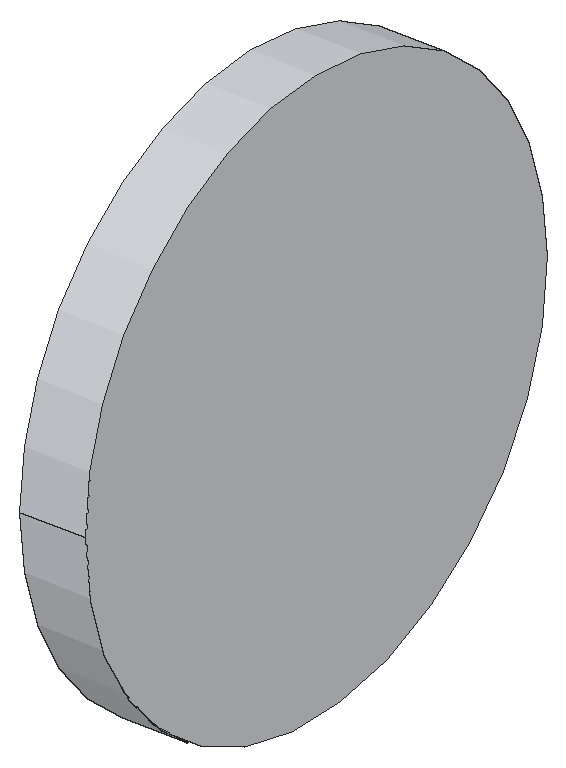
Revit family "38d99977f13740d88ec817c0ef935c99", category Pipe Fittings, Revit 2021
Family settings
  Round Connector Dimension = Use Radius
  Part Type = Flange
  OmniClass Number = 23.60.30.11.14
  OmniClass Title = Pipework Fittings
  Seek Item ID = Flange - Threaded - GI - Class 250-0000-USA-ENU
  Work Plane-Based = No
  Always vertical = Yes
  Cut with Voids When Loaded = No
  Shared = No
Parameters (values of type "Standard")
  Tick Size [instance] = Flange Diameter * 0.4  # 4.0000"
  Nominal Radius [instance] = 2.0000"
  Nominal Diameter [instance] = Nominal Radius * 2  # 4.0000"
  Loss Method = Not Defined
  Lookup Table Name = "Flange - Ring - Stainless Steel - Class 300"
  Flange Thickness [instance] = size_lookup(Lookup Table Name, "FThk", 0.07 * Nominal Diameter + 0.8800", Nominal Diameter)  # 1.1300"
  Flange Radius [instance] = Flange Diameter / 2  # 5.0000"
  Flange Diameter [instance] = size_lookup(Lookup Table Name, "FDia", 1.23 * Nominal Diameter + 5.5200", Nominal Diameter)  # 10.0000"
  Default Elevation = 0.0000"
Reference planes (in)
  plane 1 "Center (Front/Back)": y = 0
  plane 2: z = 0
  plane 3 "Center (Left/Right)": x = 0
  plane 4: y = 4
  plane 5: y = -4
  plane 6: x = 1.13
Forms (in)
  Extrusion 1, solid, detail levels fine
    sketch origin (0, 0, 0) x (0, 1, 0) y (0, 0, 1)
      loop
        circle (0, 0) r 5
    from 0 to 1.13
Lines and regions (in)
  model lines, detail levels coarse+medium
    curve 1: line (0.565, 4, 0) -> (0.565, -4, 0)
  model lines, style "PipeFitting", detail levels coarse+medium
    curve 2: line (1.13, 0, 0) -> (0, 0, 0)
Dimensions and locks (in)
  equal spacing: plane 4, plane 1 "Center (Front/Back)", plane 5
  "Tick Size": plane 4 to plane 1 "Center (Front/Back)"
  "Flange Thickness": plane 3 "Center (Left/Right)" to plane 6
  equal spacing: plane 3 "Center (Left/Right)", curve 1, plane 6
  "Flange Radius": radius of Extrusion 1 sketch curve
  aligned and locked: plane 4 to curve 1
  aligned and locked: plane 5 to curve 1
  aligned and locked: plane 1 "Center (Front/Back)" to curve 2
  aligned and locked: plane 6 to Extrusion 1
  aligned and locked: plane 6 to curve 2
  aligned and locked: Extrusion 1 to plane 3 "Center (Left/Right)"
  aligned and locked: plane 3 "Center (Left/Right)" to curve 2
Automatic sketch dimensions
  Extrusion 1 sketch curve to level = 0.0000"
  Extrusion 1 sketch curve to plane 1 "Center (Front/Back)" = 0.0000"
Connectors (in)
  piping at (0, 0, 0), diameter 4, driven by "Nominal Radius"
    settings: on Extrusion 1, index 1, connector inside diameter 4.0000", connector length 0.0000", flow factor 0, pipe flow 0 GPM, pressure drop 0.00 psi, fitting loss kfactor 0, connector angle 0.00°, fixture units 0, engagement length 0.0000", angle of deflection 0.00°, flow configuration 0, flow direction 0, fitting loss method 0, system type 28, joint type 0, gender type 0, connector reference index 2, connector utility 0, adjustable connector no, is connector primary yes, connector description ""
  piping at (1.13, 0, 0), diameter 4, driven by "Nominal Radius"
    settings: on Extrusion 1, index 2, connector inside diameter 4.0000", connector length 0.0000", flow factor 0, pipe flow 0 GPM, pressure drop 0.00 psi, fitting loss kfactor 0, connector angle 0.00°, fixture units 0, engagement length 0.0000", angle of deflection 0.00°, flow configuration 0, flow direction 0, fitting loss method 0, system type 28, joint type 0, gender type 0, connector reference index 1, connector utility 0, adjustable connector no, is connector primary no, connector description ""
